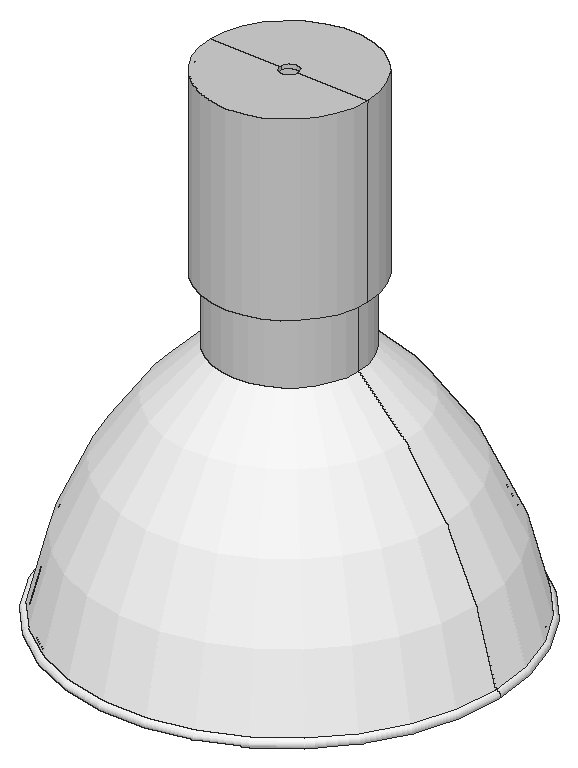
Revit family "DP12", category Lighting Fixtures, Revit 2024
Family settings
  Round Connector Dimension = Use Diameter
  Part Type = Normal
  OmniClass Number = 23.80.70.00
  OmniClass Title = Lighting
  Work Plane-Based = No
  Always vertical = Yes
  Cut with Voids When Loaded = No
  Light Source = No
  Maintain Annotation Orientation = No
  Shared = No
  Room Calculation Point = No
Parameters
  Default Elevation = 0' - 0"
Reference planes (in)
  plane 1 "Light Source Axis (F/B)": y = 0
  plane 2: z = 0
  plane 3 "Light Source Axis (L/R)": x = 0
  plane 4 "Light Source Elevation": z = 54
Forms (in)
  Sweep 1, solid, material "GLASS SHADE", not visible
    path origin (75.968, 0, 0.00093) x (1, 0, 0) y (0, 0, 1)
      loop
        arc (-4.5864, 68.3252) -> (-8.91952, 61.72019) -> (-10.59309, 54) r 21.63816
    profile origin (67.04848, 0, 61.72112) x (0.922209, 0, -0.386691) y (0, -1, 0)
      loop
        circle (0, 0) r 0.03125
  Revolve 2, solid, material "44"
    sketch origin (0, 0, 0) x (1, 0, 0) y (0, 0, 1)
      loop
        arc (5.875, 54.25036) -> (4.49754, 58.02344) -> (1.88618, 61.07539) r 11.28874
        line (1.88618, 61.07539) -> (1.81955, 61.00875)
        arc (1.81955, 61.00875) -> (4.41958, 57.97104) -> (5.78623, 54.21337) r 11.19499
        arc (5.78623, 54.21337) -> (5.92308, 54.00997) -> (5.875, 54.25036) r 0.125
      axis (0, 54.21337) -> (0, 61.07539)
    angle from 0 to 360
  Revolve 3, solid, material "49"
    sketch origin (0, 0, 0) x (1, 0, 0) y (0, 0, 1)
      loop
        line (1.9772, 62.86696) -> (2.25, 62.86696) -> (2.25, 68.00036) -> (0.25, 68.00036) -> (0.25, 67.90661) -> (2.15625, 67.90661) -> (2.15625, 62.96071) -> (1.88345, 62.96071) -> (1.88345, 61.00036) -> (1.9772, 61.00036) -> (1.9772, 62.86696)
      axis (0, 68.00036) -> (0, 61.00036)
    angle from 0 to 360
Dimensions and locks (in)
  aligned and locked: level to plane 2
